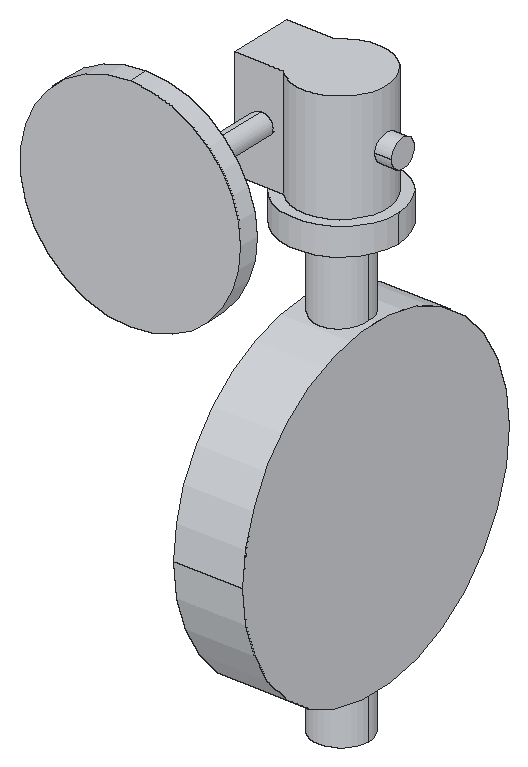
Revit family "HS497-68_disk-nerez_převodové kolo DN300-RFA_2019", category Pipe Accessories, Revit 2019
Family settings
  Round Connector Dimension = Use Diameter
  Part Type = Valve - Breaks Into
  Work Plane-Based = No
  Always vertical = Yes
  Cut with Voids When Loaded = No
  Shared = No
Parameters (values of type "HS 497-68_DN300_PN16_převodové kolo")
  magiProductId = "6860f094f77d42088fbebc3c97f755"
  magiProductFamilyId = "53cea81e6f374d17b8841d9c72ad77"
  magiPartTypeId = 305
  isMeasuringValve [instance] = no
  ang2D [instance] = 0.00°
  X11 = 88.77 mm
  X1 = 36.77 mm
  W2D = 1000 mm
  VersionID = "2.0/2017.9.26.1/ZETKAMA_497_001"
  Use Minimum Symbol Size [instance] = yes
  URL = "http://www.hydronic.cz"
  Type Comments = "mezipřírubová; nerezový disk; PN16; -10~+110°C (krátkodobě +120°C)"
  SW30 = yes
  SW3 = yes
  SW21 = no
  SW20 = no
  SW2 = no
  SW1 = no
  R = 150 mm
  QmdConnectorList = "301;D;302;D"
  Productdata [instance] = ""
  NC = 70 mm
  Manufacturer = "Hydronic Systems Prague s.r.o."
  MM20 = 36.77 mm
  MC Product Code = "126 300 (nerezový disk, s převodovým kolem; DN300; PN16, kvs7037)"
  M41 = 91.5 mm
  M4 = 61 mm
  LHL = 220 mm
  LHH3 = 2.45 mm
  LHH1 = 46.55 mm
  LH1 = 73.333 mm
  L4R__ve = -L4R  # -22.2 mm
  L4R = 22.2 mm
  L42__ve = -L42  # -166.5 mm
  L42 = 166.5 mm
  L41__ve = -L41  # -33.3 mm
  L41 = 33.3 mm
  L2D_Min = 3048 mm
  L2D = 216 mm
  L2 = 39 mm
  L1 = 62.4 mm
  L = 78 mm
  H = 23 mm
  G22 = 11.25 mm
  G2 = 22.5 mm
  G1 = 90 mm
  G = 130 mm
  F = 22 mm
  E44 = 62.5 mm
  E42 = 125 mm
  E4 = 250 mm
  E23 = 4.9 mm
  E22 = 19.6 mm
  E21 = 9.8 mm
  Description = "Mezipřírubová uzavírací klapka s převodovým kolem; nerezový disk, DN300; PN16; kvs7037"
  DR2 = 150 mm
  DR = 376 mm
  DD1 = 31.25 mm
  DD = 25 mm
  D = 300 mm
  CAT0 = yes
  B2__ve = -B2  # -90 mm
  B2 = 90 mm
  A2 = 30.8 mm
  A1 = 127.2 mm
Types (43, lengths in mm): name | magiProductId | X11 | X1 | Type Comments | SW30 | SW3 | SW20 | SW2 | SW1 | R | NC | Manufacturer | MM20 | MC Product Code | M41 | M4 | LHL | LHH3 | LHH1 | LH1 | L4R__ve | L4R | L42__ve | L42 | L41__ve | L41 | L2 | L1 | L | H | G | F | E44 | E42 | E4 | E23 | E22 | E21 | Description | DR2 | DR | DD1 | DD | D | B2__ve | B2 | A2 | A1
  HS 497-68_DN100_PN16_volné vřeteno | "65d1b245f4f142c78569c0602d5754" | 61.456 | 25.456 | "mezipřírubová; nerezový disk; PN16; -10~+110°C (krátkodobě +120°C)" | no | no | no | no | yes | 50 | 50 | "Hydronic Systems Prague s.r.o." | 25.456 | "124 100 (nerezový disk, s volným vřetenem; DN100; PN16, kvs512)" | 66 | 44 | 220 | 2.45 | 46.55 | 73.333 | -12.8 | 12.8 | -96 | 96 | -19.2 | 19.2 | 26 | 41.6 | 52 | 30 | 90 | 11 | 31.25 | 62.5 | 125 | 4.9 | 19.6 | 9.8 | "Mezipřírubová uzavírací klapka s volným vřetenem; nerezový disk, DN100; PN16; kvs512" | 50 | 147 | 15.625 | 12.5 | 100 | -56 | 56 | 16.5 | 98.5
  HS 497-68_DN100_PN16_převodové kolo | "11e91b807e674d428c8e796fcdcfe2" | 61.456 | 25.456 | "mezipřírubová; nerezový disk; PN16; -10~+110°C (krátkodobě +120°C)" | yes | yes | no | no | no | 50 | 50 | "Hydronic Systems Prague s.r.o." | 25.456 | "126 100 (nerezový disk, s převodovým kolem; DN100; PN16, kvs512)" | 65.25 | 43.5 | 220 | 2.45 | 46.55 | 73.333 | -12.8 | 12.8 | -96 | 96 | -19.2 | 19.2 | 26 | 41.6 | 52 | 30 | 90 | 11 | 31.25 | 62.5 | 125 | 4.9 | 19.6 | 9.8 | "Mezipřírubová uzavírací klapka s převodovým kolem; nerezový disk, DN100; PN16; kvs512" | 50 | 147 | 15.625 | 12.5 | 100 | -56 | 56 | 16.5 | 98.5
  HS 497-68_DN100_PN16_s pákou | "28172f0b3f4b47b28323ac71cf8749" | 61.456 | 25.456 | "mezipřírubová; nerezový disk; PN16; -10~+110°C (krátkodobě +120°C)" | no | no | yes | yes | no | 50 | 50 | "Hydronic Systems Prague s.r.o." | 25.456 | "121 100 (nerezový disk, s pákou; DN100; PN16, kvs512)" | 66 | 44 | 260 | 3 | 57 | 86.667 | -12.8 | 12.8 | -96 | 96 | -19.2 | 19.2 | 26 | 41.6 | 52 | 30 | 90 | 11 | 31.25 | 62.5 | 125 | 6 | 24 | 12 | "Mezipřírubová uzavírací klapka s pákou; nerezový disk, DN100; PN16; kvs512" | 50 | 147 | 15.625 | 12.5 | 100 | -56 | 56 | 16.5 | 98.5
  HS 497-68_DN125_PN16_volné vřeteno | "0d813d910fc14f628bb3c2efbd185c" | 61.456 | 25.456 | "mezipřírubová; nerezový disk; PN16; -10~+110°C (krátkodobě +120°C)" | no | no | no | no | yes | 62.5 | 50 | "Hydronic Systems Prague s.r.o." | 25.456 | "124 125 (nerezový disk, s volným vřetenem; DN125; PN16, kvs872)" | 66 | 44 | 220 | 2.45 | 46.55 | 73.333 | -12.8 | 12.8 | -96 | 96 | -19.2 | 19.2 | 28 | 44.8 | 56 | 33 | 90 | 14 | 31.25 | 62.5 | 125 | 4.9 | 19.6 | 9.8 | "Mezipřírubová uzavírací klapka s volným vřetenem; nerezový disk, DN125; PN16; kvs872" | 62.5 | 180 | 15.625 | 12.5 | 125 | -64 | 64 | 18 | 99.5
  HS 497-68_DN125_PN16_převodové kolo | "c56b7c13f372467684996fb1e0e229" | 61.456 | 25.456 | "mezipřírubová; nerezový disk; PN16; -10~+110°C (krátkodobě +120°C)" | yes | yes | no | no | no | 62.5 | 50 | "Hydronic Systems Prague s.r.o." | 25.456 | "126125 (nerezový disk, s převodovým kolem; DN125; PN16, kvs872)" | 65.25 | 43.5 | 220 | 2.45 | 46.55 | 73.333 | -13.5 | 13.5 | -101.25 | 101.25 | -20.25 | 20.25 | 28 | 44.8 | 56 | 33 | 90 | 14 | 40 | 80 | 160 | 4.9 | 19.6 | 9.8 | "Mezipřírubová uzavírací klapka s převodovým kolem; nerezový disk, DN125; PN16; kvs872" | 62.5 | 180 | 20 | 16 | 125 | -64 | 64 | 18 | 99.5
  HS 497-68_DN125_PN16_s pákou | "105993c79a91492399feef7931321a" | 61.456 | 25.456 | "mezipřírubová; nerezový disk; PN16; -10~+110°C (krátkodobě +120°C)" | no | no | yes | yes | no | 62.5 | 50 | "Hydronic Systems Prague s.r.o." | 25.456 | "121 125 (nerezový disk, s pákou; DN125; PN16, kvs872)" | 66 | 44 | 315 | 3.75 | 71.25 | 105 | -12.8 | 12.8 | -96 | 96 | -19.2 | 19.2 | 28 | 44.8 | 56 | 33 | 90 | 14 | 31.25 | 62.5 | 125 | 7.5 | 30 | 15 | "Mezipřírubová uzavírací klapka s pákou; nerezový disk, DN125; PN16; kvs872" | 62.5 | 180 | 15.625 | 12.5 | 125 | -64 | 64 | 18 | 99.5
  HS 497-68_DN150_PN16_volné vřeteno | "50c80cb8ab434f55ab7796e5ac1331" | 61.456 | 25.456 | "mezipřírubová; nerezový disk; PN16; -10~+110°C (krátkodobě +120°C)" | no | no | no | no | yes | 75 | 50 | "Hydronic Systems Prague s.r.o." | 25.456 | "124 150 (nerezový disk, s volným vřetenem; DN150; PN16, kvs1347)" | 66 | 44 | 220 | 2.45 | 46.55 | 73.333 | -12.8 | 12.8 | -96 | 96 | -19.2 | 19.2 | 28 | 44.8 | 56 | 33 | 90 | 14 | 31.25 | 62.5 | 125 | 4.9 | 19.6 | 9.8 | "Mezipřírubová uzavírací klapka s volným vřetenem; nerezový disk, DN150; PN16; kvs1347" | 75 | 206 | 15.625 | 12.5 | 150 | -58 | 58 | 19.3 | 98.7
  HS 497-68_DN150_PN16_převodové kolo | "d94a1a0cf83b476eb10011b327f709" | 61.456 | 25.456 | "mezipřírubová; nerezový disk; PN16; -10~+110°C (krátkodobě +120°C)" | yes | yes | no | no | no | 75 | 50 | "Hydronic Systems Prague s.r.o." | 25.456 | "126 150 (nerezový disk, s převodovým kolem; DN150; PN16, kvs1347)" | 65.25 | 43.5 | 220 | 2.45 | 46.55 | 73.333 | -13.5 | 13.5 | -101.25 | 101.25 | -20.25 | 20.25 | 28 | 44.8 | 56 | 33 | 90 | 14 | 40 | 80 | 160 | 4.9 | 19.6 | 9.8 | "Mezipřírubová uzavírací klapka s převodovým kolem; nerezový disk, DN150; PN16; kvs1347" | 75 | 206 | 20 | 16 | 150 | -58 | 58 | 19.3 | 98.7
  HS 497-68_DN150_PN16_s pákou | "4d2835523fe84828bc50ff0a5a0dfb" | 61.456 | 25.456 | "mezipřírubová; nerezový disk; PN16; -10~+110°C (krátkodobě +120°C)" | no | no | yes | yes | no | 75 | 50 | "Hydronic Systems Prague s.r.o." | 25.456 | "121 150 (nerezový disk, s pákou; DN150; PN16, kvs1347)" | 66 | 44 | 315 | 3.75 | 71.25 | 105 | -12.8 | 12.8 | -96 | 96 | -19.2 | 19.2 | 28 | 44.8 | 56 | 33 | 90 | 14 | 31.25 | 62.5 | 125 | 7.5 | 30 | 15 | "Mezipřírubová uzavírací klapka s pákou; nerezový disk, DN150; PN16; kvs1347" | 75 | 206 | 15.625 | 12.5 | 150 | -58 | 58 | 19.3 | 98.7
  HS 497-68_DN200_PN16_volné vřeteno | "5b29029eaeba47139ee1055a4b9201" | 61.456 | 25.456 | "mezipřírubová; nerezový disk; PN16; -10~+110°C (krátkodobě +120°C)" | no | no | no | no | yes | 100 | 50 | "Hydronic Systems Prague s.r.o." | 25.456 | "124 200 (nerezový disk, s volným vřetenem; DN200; PN16, kvs2675)" | 66 | 44 | 220 | 2.45 | 46.55 | 73.333 | -12.8 | 12.8 | -96 | 96 | -19.2 | 19.2 | 30 | 48 | 60 | 33 | 90 | 17 | 31.25 | 62.5 | 125 | 4.9 | 19.6 | 9.8 | "Mezipřírubová uzavírací klapka s volným vřetenem; nerezový disk, DN200; PN16; kvs2675" | 100 | 257 | 15.625 | 12.5 | 200 | -70 | 70 | 22.5 | 102.5
  HS 497-68_DN200_PN16_převodové kolo | "b2793cc1fcc44cf2a35062cd67c04f" | 61.456 | 25.456 | "mezipřírubová; nerezový disk; PN16; -10~+110°C (krátkodobě +120°C)" | yes | yes | no | no | no | 100 | 57 | "Hydronic Systems Prague s.r.o." | 25.456 | "126 200 (nerezový disk, s převodovým kolem; DN200; PN16, kvs2675)" | 78.75 | 52.5 | 220 | 2.45 | 46.55 | 73.333 | -15.2 | 15.2 | -114 | 114 | -22.8 | 22.8 | 30 | 48 | 60 | 33 | 90 | 17 | 50 | 100 | 200 | 4.9 | 19.6 | 9.8 | "Mezipřírubová uzavírací klapka s převodovým kolem; nerezový disk, DN200; PN16; kvs2675" | 100 | 257 | 25 | 20 | 200 | -70 | 70 | 22.5 | 102.5
  HS 497-68_DN200_PN16_s pákou | "f88d96c7af224537a51e72d7d8fffe" | 61.456 | 25.456 | "mezipřírubová; nerezový disk; PN16; -10~+110°C (krátkodobě +120°C)" | no | no | yes | yes | no | 100 | 50 | "Hydronic Systems Prague s.r.o." | 25.456 | "121 200 (nerezový disk, s pákou; DN200; PN16, kvs2675)" | 66 | 44 | 315 | 3.75 | 71.25 | 105 | -12.8 | 12.8 | -96 | 96 | -19.2 | 19.2 | 30 | 48 | 60 | 33 | 90 | 17 | 31.25 | 62.5 | 125 | 7.5 | 30 | 15 | "Mezipřírubová uzavírací klapka s pákou; nerezový disk, DN200; PN16; kvs2675" | 100 | 257 | 15.625 | 12.5 | 200 | -70 | 70 | 22.5 | 102.5
  HS 497-68_DN250_PN16_volné vřeteno | "b662e8305ca2402b9c510e66e6aa55" | 88.77 | 36.77 | "mezipřírubová; nerezový disk; PN16; -10~+110°C (krátkodobě +120°C)" | no | no | no | no | yes | 125 | 50 | "Hydronic Systems Prague s.r.o." | 36.77 | "124 250 (nerezový disk, s volným vřetenem; DN250; PN16, kvs4555)" | 66 | 44 | 220 | 2.45 | 46.55 | 73.333 | -12.8 | 12.8 | -96 | 96 | -19.2 | 19.2 | 34 | 54.4 | 68 | 23 | 130 | 22 | 31.25 | 62.5 | 125 | 4.9 | 19.6 | 9.8 | "Mezipřírubová uzavírací klapka s volným vřetenem; nerezový disk, DN250; PN16; kvs4555" | 125 | 324 | 15.625 | 12.5 | 250 | -85 | 85 | 28.25 | 129.25
  HS 497-68_DN250_PN16_převodové kolo | "5ee9016806664ddfaa2632711f295c" | 88.77 | 36.77 | "mezipřírubová; nerezový disk; PN16; -10~+110°C (krátkodobě +120°C)" | yes | yes | no | no | no | 125 | 70 | "Hydronic Systems Prague s.r.o." | 36.77 | "126 250 (nerezový disk, s převodovým kolem; DN250; PN16, kvs4555)" | 91.5 | 61 | 220 | 2.45 | 46.55 | 73.333 | -22.2 | 22.2 | -166.5 | 166.5 | -33.3 | 33.3 | 34 | 54.4 | 68 | 23 | 130 | 22 | 62.5 | 125 | 250 | 4.9 | 19.6 | 9.8 | "Mezipřírubová uzavírací klapka s převodovým kolem; nerezový disk, DN250; PN16; kvs4555" | 125 | 324 | 31.25 | 25 | 250 | -85 | 85 | 28.25 | 129.25
  HS 497-68_DN300_PN16_volné vřeteno | "e1886f51ff004380a649519258edf2" | 88.77 | 36.77 | "mezipřírubová; nerezový disk; PN16; -10~+110°C (krátkodobě +120°C)" | no | no | no | no | yes | 150 | 50 | "Hydronic Systems Prague s.r.o." | 36.77 | "124 300 (nerezový disk, s volným vřetenem; DN300; PN16, kvs7037)" | 66 | 44 | 220 | 2.45 | 46.55 | 73.333 | -12.8 | 12.8 | -96 | 96 | -19.2 | 19.2 | 39 | 62.4 | 78 | 23 | 130 | 22 | 31.25 | 62.5 | 125 | 4.9 | 19.6 | 9.8 | "Mezipřírubová uzavírací klapka s volným vřetenem; nerezový disk, DN300; PN16; kvs7037" | 150 | 376 | 15.625 | 12.5 | 300 | -90 | 90 | 30.8 | 127.2
  HS 497-68_DN300_PN16_převodové kolo | "6860f094f77d42088fbebc3c97f755" | 88.77 | 36.77 | "mezipřírubová; nerezový disk; PN16; -10~+110°C (krátkodobě +120°C)" | yes | yes | no | no | no | 150 | 70 | "Hydronic Systems Prague s.r.o." | 36.77 | "126 300 (nerezový disk, s převodovým kolem; DN300; PN16, kvs7037)" | 91.5 | 61 | 220 | 2.45 | 46.55 | 73.333 | -22.2 | 22.2 | -166.5 | 166.5 | -33.3 | 33.3 | 39 | 62.4 | 78 | 23 | 130 | 22 | 62.5 | 125 | 250 | 4.9 | 19.6 | 9.8 | "Mezipřírubová uzavírací klapka s převodovým kolem; nerezový disk, DN300; PN16; kvs7037" | 150 | 376 | 31.25 | 25 | 300 | -90 | 90 | 30.8 | 127.2
  HS 497-68_DN032_PN16_volné vřeteno | "8c5f65de52aa4067a77564107e31b2" | 61.456 | 25.456 | "mezipřírubová; nerezový disk; PN16; -10~+110°C (krátkodobě +120°C)" | no | no | no | no | yes | 16 | 50 | "Hydronic Systems Prague s.r.o." | 25.456 | "124 032 (nerezový disk, s volným vřetenem; DN32; PN16, kvs78)" | 66 | 44 | 220 | 2.45 | 46.55 | 73.333 | -12.8 | 12.8 | -96 | 96 | -19.2 | 19.2 | 16.5 | 26.4 | 33 | 30 | 90 | 11 | 31.25 | 62.5 | 125 | 4.9 | 19.6 | 9.8 | "Mezipřírubová uzavírací klapka s volným vřetenem; nerezový disk, DN32; PN16; kvs78" | 16 | 68 | 15.625 | 12.5 | 32 | -44.2 | 44.2 | 10.25 | 76.25
  HS 497-68_DN032_PN16_převodové kolo | "60aaeffa8b3a4e809ef000e4660060" | 61.456 | 25.456 | "mezipřírubová; nerezový disk; PN16; -10~+110°C (krátkodobě +120°C)" | yes | yes | no | no | no | 16 | 50 | "Hydronic Systems Prague s.r.o." | 25.456 | "126 032 (nerezový disk, s převodovým kolem; DN32; PN16, kvs78)" | 65.25 | 43.5 | 220 | 2.45 | 46.55 | 73.333 | -12.8 | 12.8 | -96 | 96 | -19.2 | 19.2 | 16.5 | 26.4 | 33 | 30 | 90 | 11 | 31.25 | 62.5 | 125 | 4.9 | 19.6 | 9.8 | "Mezipřírubová uzavírací klapka s převodovým kolem; nerezový disk, DN32; PN16; kvs78" | 16 | 68 | 15.625 | 12.5 | 32 | -44.2 | 44.2 | 10.25 | 76.25
  HS 497-68_DN032_PN16_s pákou | "9ad8088d610749a1b871aa2aad8007" | 61.456 | 25.456 | "mezipřírubová; nerezový disk; PN16; -10~+110°C (krátkodobě +120°C)" | no | no | yes | yes | no | 16 | 50 | "Hydronic Systems Prague s.r.o." | 25.456 | "121 032 (nerezový disk, s pákou; DN32; PN16, kvs78)" | 66 | 44 | 220 | 2.45 | 46.55 | 73.333 | -12.8 | 12.8 | -96 | 96 | -19.2 | 19.2 | 16.5 | 26.4 | 33 | 30 | 90 | 11 | 31.25 | 62.5 | 125 | 4.9 | 19.6 | 9.8 | "Mezipřírubová uzavírací klapka s pákou; nerezový disk, DN32; PN16; kvs78" | 16 | 68 | 15.625 | 12.5 | 32 | -44.2 | 44.2 | 10.25 | 76.25
  HS 497-68_DN350_PN10_volné vřeteno | "72a1e05f22944421b7e9596a877137" | 109.255 | 45.255 | "mezipřírubová; nerezový disk; PN10; -10~+110°C (krátkodobě +120°C)" | no | no | no | no | yes | 175 | 50 | "Hydronic Systems Prague s.r.o." | 45.255 | "124 350 (nerezový disk, s volným vřetenem; DN350; PN10, kvs10165)" | 66 | 44 | 220 | 2.45 | 46.55 | 73.333 | -12.8 | 12.8 | -96 | 96 | -19.2 | 19.2 | 39 | 62.4 | 78 | 31 | 160 | 22 | 31.25 | 62.5 | 125 | 4.9 | 19.6 | 9.8 | "Mezipřírubová uzavírací klapka s volným vřetenem; nerezový disk, DN350; PN10; kvs10165" | 175 | 430 | 15.625 | 12.5 | 350 | -88 | 88 | 33.85 | 129.65
  HS 497-68_DN350_PN10_převodové kolo | "a5a01426cb28494ba3afca92f1dace" | 109.255 | 45.255 | "mezipřírubová; nerezový disk; PN10; -10~+110°C (krátkodobě +120°C)" | yes | yes | no | no | no | 175 | 70 | "Hydronic Systems Prague s.r.o." | 45.255 | "126 350 (nerezový disk, s převodovým kolem; DN350; PN10, kvs10165)" | 91.5 | 61 | 220 | 2.45 | 46.55 | 73.333 | -22.2 | 22.2 | -166.5 | 166.5 | -33.3 | 33.3 | 39 | 62.4 | 78 | 31 | 160 | 22 | 62.5 | 125 | 250 | 4.9 | 19.6 | 9.8 | "Mezipřírubová uzavírací klapka s převodovým kolem; nerezový disk, DN350; PN10; kvs10165" | 175 | 430 | 31.25 | 25 | 350 | -88 | 88 | 33.85 | 129.65
  HS 497-68_DN400_PN10_volné vřeteno | "c70ebeb927c04ab99b176e257ad0a7" | 109.255 | 45.255 | "mezipřírubová; nerezový disk; PN10; -10~+110°C (krátkodobě +120°C)" | no | no | no | no | yes | 200 | 50 | "Hydronic Systems Prague s.r.o." | 45.255 | "124 400 (nerezový disk, s volným vřetenem; DN400; PN10, kvs13799)" | 66 | 44 | 220 | 2.45 | 46.55 | 73.333 | -12.8 | 12.8 | -96 | 96 | -19.2 | 19.2 | 51 | 81.6 | 102 | 31 | 160 | 27 | 31.25 | 62.5 | 125 | 4.9 | 19.6 | 9.8 | "Mezipřírubová uzavírací klapka s volným vřetenem; nerezový disk, DN400; PN10; kvs13799" | 200 | 485 | 15.625 | 12.5 | 400 | -108 | 108 | 38 | 142
  HS 497-68_DN400_PN10_převodové kolo | "cc64a4384dcb41b780d81810f4f293" | 109.255 | 45.255 | "mezipřírubová; nerezový disk; PN10; -10~+110°C (krátkodobě +120°C)" | yes | yes | no | no | no | 200 | 72.5 | "Hydronic Systems Prague s.r.o." | 45.255 | "126 400 (nerezový disk, s převodovým kolem; DN400; PN10, kvs13799)" | 103.5 | 69 | 220 | 2.45 | 46.55 | 73.333 | -27.8 | 27.8 | -208.5 | 208.5 | -41.7 | 41.7 | 51 | 81.6 | 102 | 31 | 160 | 27 | 75 | 150 | 300 | 4.9 | 19.6 | 9.8 | "Mezipřírubová uzavírací klapka s převodovým kolem; nerezový disk, DN400; PN10; kvs13799" | 200 | 485 | 37.5 | 30 | 400 | -108 | 108 | 38 | 142
  HS 497-68_DN040_PN16_volné vřeteno | "35f92312390745e88df5b5c325d9ee" | 61.456 | 25.456 | "mezipřírubová; nerezový disk; PN16; -10~+110°C (krátkodobě +120°C)" | no | no | no | no | yes | 20 | 50 | "Hydronic Systems Prague s.r.o." | 25.456 | "124 040 (nerezový disk, s volným vřetenem; DN40; PN16, kvs78)" | 66 | 44 | 220 | 2.45 | 46.55 | 73.333 | -12.8 | 12.8 | -96 | 96 | -19.2 | 19.2 | 16.5 | 26.4 | 33 | 30 | 90 | 11 | 31.25 | 62.5 | 125 | 4.9 | 19.6 | 9.8 | "Mezipřírubová uzavírací klapka s volným vřetenem; nerezový disk, DN40; PN16; kvs78" | 20 | 76 | 15.625 | 12.5 | 40 | -36 | 36 | 11 | 79
  HS 497-68_DN040_PN16_převodové kolo | "d88e968eae3445bc9b7b4e6ff35127" | 61.456 | 25.456 | "mezipřírubová; nerezový disk; PN16; -10~+110°C (krátkodobě +120°C)" | yes | yes | no | no | no | 20 | 50 | "Hydronic Systems Prague s.r.o." | 25.456 | "126 040 (nerezový disk, s převodovým kolem; DN40; PN16, kvs78)" | 65.25 | 43.5 | 220 | 2.45 | 46.55 | 73.333 | -12.8 | 12.8 | -96 | 96 | -19.2 | 19.2 | 16.5 | 26.4 | 33 | 30 | 90 | 11 | 31.25 | 62.5 | 125 | 4.9 | 19.6 | 9.8 | "Mezipřírubová uzavírací klapka s převodovým kolem; nerezový disk, DN40; PN16; kvs78" | 20 | 76 | 15.625 | 12.5 | 40 | -36 | 36 | 11 | 79
  HS 497-68_DN040_PN16_s pákou | "c1b522ca65b4407a98818f232eaacb" | 61.456 | 25.456 | "mezipřírubová; nerezový disk; PN16; -10~+110°C (krátkodobě +120°C)" | no | no | yes | yes | no | 20 | 50 | "Hydronic Systems Prague s.r.o." | 25.456 | "121 040 (nerezový disk, s pákou; DN40; PN16, kvs78)" | 66 | 44 | 220 | 2.45 | 46.55 | 73.333 | -12.8 | 12.8 | -96 | 96 | -19.2 | 19.2 | 16.5 | 26.4 | 33 | 30 | 90 | 11 | 31.25 | 62.5 | 125 | 4.9 | 19.6 | 9.8 | "Mezipřírubová uzavírací klapka s pákou; nerezový disk, DN40; PN16; kvs78" | 20 | 76 | 15.625 | 12.5 | 40 | -36 | 36 | 11 | 79
  HS 497-68_DN450_PN10_volné vřeteno | "a8358bc282f14872b3194e530e590a" | 129.74 | 53.74 | "mezipřírubová; nerezový disk; PN10; -10~+110°C (krátkodobě +120°C)" | no | no | no | no | yes | 225 | 50 | "Hydronic Systems Prague s.r.o." | 53.74 | "124 450 (nerezový disk, s volným vřetenem; DN450; PN10, kvs18514)" | 66 | 44 | 220 | 2.45 | 46.55 | 73.333 | -12.8 | 12.8 | -96 | 96 | -19.2 | 19.2 | 57 | 91.2 | 114 | 38 | 190 | 36 | 31.25 | 62.5 | 125 | 4.9 | 19.6 | 9.8 | "Mezipřírubová uzavírací klapka s volným vřetenem; nerezový, DN450; PN10; kvs18514" | 225 | 536 | 15.625 | 12.5 | 450 | -115 | 115 | 38.05 | 117.45
  HS 497-68_DN450_PN10_převodové kolo | "cdf2d80f54a9414f9cbe50647c0ebd" | 129.74 | 53.74 | "mezipřírubová; nerezový disk; PN10; -10~+110°C (krátkodobě +120°C)" | yes | yes | no | no | no | 225 | 91.5 | "Zetkama" | 53.74 | "126 450 (nerezový disk, s převodovým kolem; DN450; PN10, kvs18514)" | 144.75 | 96.5 | 220 | 2.45 | 46.55 | 73.333 | -32.1 | 32.1 | -240.75 | 240.75 | -48.15 | 48.15 | 57 | 91.2 | 114 | 38 | 190 | 36 | 100 | 200 | 400 | 4.9 | 19.6 | 9.8 | "Mezipřírubová uzavírací klapka s převodovým kolem; nerezový disk, DN450; PN10; kvs18514" | 225 | 536 | 50 | 40 | 450 | -115 | 115 | 38.05 | 117.45
  HS 497-68_DN500_PN10_volné vřeteno | "8c396e27bb2743f98f3c762b6517cd" | 143.397 | 59.397 | "mezipřírubová; nerezový disk; PN10; -10~+110°C (krátkodobě +120°C)" | no | no | no | no | yes | 250 | 50 | "Hydronic Systems Prague s.r.o." | 59.397 | "124 500 (nerezový disk, s volným vřetenem; DN500; PN10, kvs23805)" | 66 | 44 | 220 | 2.45 | 46.55 | 73.333 | -12.8 | 12.8 | -96 | 96 | -19.2 | 19.2 | 63.5 | 101.6 | 127 | 38 | 210 | 36 | 31.25 | 62.5 | 125 | 4.9 | 19.6 | 9.8 | "Mezipřírubová uzavírací klapka s volným vřetenem; nerezový disk, DN500; PN10; kvs23805" | 250 | 593 | 15.625 | 12.5 | 500 | -130 | 130 | 43.25 | 139.25
  HS 497-68_DN500_PN10_převodové kolo | "7647804f32e94cef828a7034a91a46" | 143.397 | 59.397 | "mezipřírubová; nerezový disk; PN10; -10~+110°C (krátkodobě +120°C)" | yes | yes | no | no | no | 250 | 91.5 | "Zetkama" | 59.397 | "126 500 (nerezový disk, s převodovým kolem; DN500; PN10, kvs23805)" | 144.75 | 96.5 | 220 | 2.45 | 46.55 | 73.333 | -32.1 | 32.1 | -240.75 | 240.75 | -48.15 | 48.15 | 63.5 | 101.6 | 127 | 38 | 210 | 36 | 100 | 200 | 400 | 4.9 | 19.6 | 9.8 | "Mezipřírubová uzavírací klapka s převodovým kolem; nerezový disk, DN500; PN10; kvs23805" | 250 | 593 | 50 | 40 | 500 | -130 | 130 | 43.25 | 139.25
  HS 497-68_DN050_volné vřeteno | "d71f296ecd6d4adf8f6e5d9853b4e0" | 61.456 | 25.456 | "mezipřírubová; nerezový disk; PN16; -10~+110°C (krátkodobě +120°C)" | no | no | no | no | yes | 25 | 50 | "Hydronic Systems Prague s.r.o." | 25.456 | "124 050 (nerezový disk, s volným vřetenem; DN50; PN16, kvs98)" | 66 | 44 | 220 | 2.45 | 46.55 | 73.333 | -12.8 | 12.8 | -96 | 96 | -19.2 | 19.2 | 21.5 | 34.4 | 43 | 30 | 90 | 11 | 31.25 | 62.5 | 125 | 4.9 | 19.6 | 9.8 | "Mezipřírubová uzavírací klapka s volným vřetenem; nerezový disk, DN50; PN16; kvs98" | 25 | 100 | 15.625 | 12.5 | 50 | -36.5 | 36.5 | 12 | 83
  HS 497-68_DN050_PN16_převodové kolo | "2fb080deeaed49c58418b94c1da5a4" | 61.456 | 25.456 | "mezipřírubová; nerezový disk; PN16; -10~+110°C (krátkodobě +120°C)" | yes | yes | no | no | no | 25 | 50 | "Hydronic Systems Prague s.r.o." | 25.456 | "126 050 (nerezový disk, s převodovým kolem; DN50; PN16, kvs98)" | 65.25 | 43.5 | 220 | 2.45 | 46.55 | 73.333 | -12.8 | 12.8 | -96 | 96 | -19.2 | 19.2 | 21.5 | 34.4 | 43 | 30 | 90 | 11 | 31.25 | 62.5 | 125 | 4.9 | 19.6 | 9.8 | "Mezipřírubová uzavírací klapka s převodovým kolem; nerezový disk, DN50; PN16; kvs98" | 25 | 100 | 15.625 | 12.5 | 50 | -36.5 | 36.5 | 12 | 83
  HS 497-68_DN050_PN16_s pákou | "dabc632061f94877a994b9b4e68112" | 61.456 | 25.456 | "mezipřírubová; nerezový disk; PN16; -10~+110°C (krátkodobě +120°C)" | no | no | yes | yes | no | 25 | 50 | "Hydronic Systems Prague s.r.o." | 25.456 | "121 050 (nerezový disk, s pákou; DN50; PN16, kvs98)" | 66 | 44 | 220 | 2.45 | 46.55 | 73.333 | -12.8 | 12.8 | -96 | 96 | -19.2 | 19.2 | 21.5 | 34.4 | 43 | 30 | 90 | 11 | 31.25 | 62.5 | 125 | 4.9 | 19.6 | 9.8 | "Mezipřírubová uzavírací klapka s pákou; nerezový disk, DN50; PN16; kvs98" | 25 | 100 | 15.625 | 12.5 | 50 | -36.5 | 36.5 | 12 | 83
  HS 497-68_DN600_PN10_volné vřeteno | "99d5892c14664fce81a7c5903f7711" | 143.397 | 59.397 | "mezipřírubová; nerezový disk; PN10; -10~+110°C (krátkodobě +120°C)" | no | no | no | no | yes | 300 | 50 | "Hydronic Systems Prague s.r.o." | 59.397 | "124 600 (nerezový disk, s volným vřetenem; DN600; PN10, kvs36778)" | 66 | 44 | 220 | 2.45 | 46.55 | 73.333 | -12.8 | 12.8 | -96 | 96 | -19.2 | 19.2 | 77 | 123.2 | 154 | 80 | 210 | 60 | 31.25 | 62.5 | 125 | 4.9 | 19.6 | 9.8 | "Mezipřírubová uzavírací klapka s volným vřetenem; nerezový disk, DN600; PN10; kvs36788" | 300 | 690 | 15.625 | 12.5 | 600 | -140 | 140 | 49.4 | 144.6
  HS 497-68_DN600_PN10_převodové kolo | "b1e26faab48a4c499f6bb11e7e3002" | 143.397 | 59.397 | "mezipřírubová; lnerezový disk; PN10; -10~+110°C (krátkodobě +120°C)" | yes | yes | no | no | no | 300 | 140 | "Hydronic Systems Prague s.r.o." | 59.397 | "126 600 (nerezový disk, s převodovým kolem; DN600; PN10, kvs36778)" | 206.25 | 137.5 | 220 | 2.45 | 46.55 | 73.333 | -40.8 | 40.8 | -306 | 306 | -61.2 | 61.2 | 77 | 123.2 | 154 | 80 | 210 | 60 | 125 | 250 | 500 | 4.9 | 19.6 | 9.8 | "Mezipřírubová uzavírací klapka s převodovým kolem; nerezový disk, DN600; PN10; kvs36788" | 300 | 690 | 62.5 | 50 | 600 | -140 | 140 | 49.4 | 144.6
  HS 497-68_DN065_PN16_volné vřeteno | "5e5e208646e34ec29f889baab5d08e" | 61.456 | 25.456 | "mezipřírubová; lnerezový disk; PN16; -10~+110°C (krátkodobě +120°C)" | no | no | no | no | yes | 32.5 | 50 | "Hydronic Systems Prague s.r.o." | 25.456 | "124 065 (nerezový disk, s volným vřetenem; DN65; PN16, kvs167)" | 66 | 44 | 220 | 2.45 | 46.55 | 73.333 | -12.8 | 12.8 | -96 | 96 | -19.2 | 19.2 | 23 | 36.8 | 46 | 30 | 90 | 11 | 31.25 | 62.5 | 125 | 4.9 | 19.6 | 9.8 | "Mezipřírubová uzavírací klapka s volným vřetenem; nerezový disk, DN65; PN16; kv167" | 32.5 | 108 | 15.625 | 12.5 | 65 | -36.5 | 36.5 | 13.5 | 89
  HS 497-68_DN065_PN16_převodové kolo | "654d74c8d15540b0bfe523d988ccb3" | 61.456 | 25.456 | "mezipřírubová; nerezový disk; PN16; -10~+110°C (krátkodobě +120°C)" | yes | yes | no | no | no | 32.5 | 50 | "Hydronic Systems Prague s.r.o." | 25.456 | "126 065 (nerezový disk, s převodovým kolem; DN65; PN16, kvs167)" | 65.25 | 43.5 | 220 | 2.45 | 46.55 | 73.333 | -12.8 | 12.8 | -96 | 96 | -19.2 | 19.2 | 23 | 36.8 | 46 | 30 | 90 | 11 | 31.25 | 62.5 | 125 | 4.9 | 19.6 | 9.8 | "Mezipřírubová uzavírací klapka s převodovým kolem; nerezový disk, DN65; PN16; kvs167" | 32.5 | 108 | 15.625 | 12.5 | 65 | -36.5 | 36.5 | 13.5 | 89
  HS 497-68_DN065_PN16_s pákou | "ebeb4b59db0641caaf6d6635ab37b9" | 61.456 | 25.456 | "mezipřírubová; nerezový disk; PN16; -10~+110°C (krátkodobě +120°C)" | no | no | yes | yes | no | 32.5 | 50 | "Hydronic Systems Prague s.r.o." | 25.456 | "121 065 (nerezový disk, s pákou; DN65; PN16, kvs167)" | 66 | 44 | 220 | 2.45 | 46.55 | 73.333 | -12.8 | 12.8 | -96 | 96 | -19.2 | 19.2 | 23 | 36.8 | 46 | 30 | 90 | 11 | 31.25 | 62.5 | 125 | 4.9 | 19.6 | 9.8 | "Mezipřírubová uzavírací klapka s pákou; nerezový disk, DN65; PN16; kvs167" | 32.5 | 108 | 15.625 | 12.5 | 65 | -36.5 | 36.5 | 13.5 | 89
  HS 497-68_DN080_PN16_volné vřeteno | "9e85c75c18654e1185a9c48ed6b00e" | 61.456 | 25.456 | "mezipřírubová; nerezový disk; PN16; -10~+110°C (krátkodobě +120°C)" | no | no | no | no | yes | 40 | 50 | "Hydronic Systems Prague s.r.o." | 25.456 | "124 080 (nerezový disk, s volným vřetenem; DN80; PN16, kvs258)" | 66 | 44 | 220 | 2.45 | 46.55 | 73.333 | -12.8 | 12.8 | -96 | 96 | -19.2 | 19.2 | 23 | 36.8 | 46 | 30 | 90 | 11 | 31.25 | 62.5 | 125 | 4.9 | 19.6 | 9.8 | "Mezipřírubová uzavírací klapka s volným vřetenem; nerezový disk, DN80; PN16; kvs258" | 40 | 124 | 15.625 | 12.5 | 80 | -54 | 54 | 14.1 | 86.9
  HS 497-68_DN080_PN16_převodové kolo | "5b3c8238c3d041e68c75b199e7ea46" | 61.456 | 25.456 | "mezipřírubová; nerezový disk; PN16; -10~+110°C (krátkodobě +120°C)" | yes | yes | no | no | no | 40 | 50 | "Hydronic Systems Prague s.r.o." | 25.456 | "126 080 (nerezový disk, s převodovým kolem; DN80; PN16, kvs258)" | 65.25 | 43.5 | 220 | 2.45 | 46.55 | 73.333 | -12.8 | 12.8 | -96 | 96 | -19.2 | 19.2 | 23 | 36.8 | 46 | 30 | 90 | 11 | 31.25 | 62.5 | 125 | 4.9 | 19.6 | 9.8 | "Mezipřírubová uzavírací klapka s převodovým kolem; nerezový disk, DN80; PN16; kvs258" | 40 | 124 | 15.625 | 12.5 | 80 | -54 | 54 | 14.1 | 86.9
  HS 497-68_DN080_PN16_s pákou | "e414795fab0f4eccb99bc3572c5477" | 61.456 | 25.456 | "mezipřírubová; nerezový disk; PN16; -10~+110°C (krátkodobě +120°C)" | no | no | yes | yes | no | 40 | 50 | "Hydronic Systems Prague s.r.o." | 25.456 | "121 080 (nerezový disk, s pákou; DN80; PN16, kvs258)" | 66 | 44 | 260 | 3 | 57 | 86.667 | -12.8 | 12.8 | -96 | 96 | -19.2 | 19.2 | 23 | 36.8 | 46 | 30 | 90 | 11 | 31.25 | 62.5 | 125 | 6 | 24 | 12 | "Mezipřírubová uzavírací klapka s pákou; nerezový disk, DN80; PN16; kvs258" | 40 | 124 | 15.625 | 12.5 | 80 | -54 | 54 | 14.1 | 86.9
  HS 497-68_DN250_PN16_s pákou | "" | 88.77 | 36.77 | "mezipřírubová; nerezový disk; PN16; -10~+110°C (krátkodobě +120°C)" | no | no | yes | yes | no | 125 | 70 | "Hydronic Systems Prague s.r.o." | 36.77 | "121 250 (nerezový disk, s ákou; DN250; PN16, kvs4555)" | 91.5 | 61 | 220 | 2.45 | 46.55 | 73.333 | -22.2 | 22.2 | -166.5 | 166.5 | -33.3 | 33.3 | 34 | 54.4 | 68 | 23 | 130 | 22 | 62.5 | 125 | 250 | 4.9 | 19.6 | 9.8 | "Mezipřírubová uzavírací klapka s pákou; nerezový disk, DN250; PN16; kvs4555" | 125 | 324 | 31.25 | 25 | 250 | -85 | 85 | 28.25 | 129.25
  HS 497-68_DN300_PN16_s pákou | "" | 88.77 | 36.77 | "mezipřírubová; nerezový disk; PN16; -10~+110°C (krátkodobě +120°C)" | no | no | yes | yes | no | 150 | 70 | "Hydronic Systems Prague s.r.o." | 36.77 | "121 300 (nerezový disk, s pákou; DN300; PN16, kvs7037)" | 91.5 | 61 | 220 | 2.45 | 46.55 | 73.333 | -22.2 | 22.2 | -166.5 | 166.5 | -33.3 | 33.3 | 39 | 62.4 | 78 | 23 | 130 | 22 | 62.5 | 125 | 250 | 4.9 | 19.6 | 9.8 | "Mezipřírubová uzavírací klapka s pákou; nerezový disk, DN300; PN16; kvs7037" | 150 | 376 | 31.25 | 25 | 300 | -90 | 90 | 30.8 | 127.2
Reference planes
  plane 1 "Center (Front/Back)": y = 0
  plane 2 "XYPLANE": z = 0
  plane 3 "Center (Left/Right)": x = 0
  plane 4 "473": x = -36.77
  plane 5 "472": x = -91.5
  plane 6 "471": y = -36.77
  plane 7 "470": y = 36.77
  plane 8 "469": x = -61
  plane 9 "468": y = -199.8
  plane 10 "467": y = -166.5
  plane 11 "466": z = 370.5
  plane 12 "465": z = 354.55
  plane 13 "464": y = 145.417
  plane 14 "463": z = 344.75
  plane 15 "462": z = 327.6
  plane 16 "461": z = 337.4
  plane 17 "460": y = 72.083
  plane 18 "459": x = -11.25
  plane 19 "458": x = 11.25
  plane 20 "457": y = -6.25
  plane 21 "456": x = -17.5
  plane 22 "455": x = 17.5
  plane 23 "454": z = 342.3
  plane 24 "453": y = 62.083
  plane 25 "452": y = -11.25
  plane 26 "451": x = -22.5
  plane 27 "450": x = 22.5
  plane 28 "449": z = 322.7
  plane 29 "448": z = 317.8
  plane 30 "447": z = -150
  plane 31 "446": z = 308
  plane 32 "445": z = 277.2
  plane 33 "444": z = 150
  plane 34 "443": x = 39
  plane 35 "442": x = -39
  plane 36 "441": z = 0
  plane 37 "440": y = 0
  plane 38 "439": x = 0
  plane 39 "438": z = 357
  plane 40 "437": z = 342.3
  plane 41 "436": x = 13.7
  plane 42 "435": x = -13.7
  plane 43 "434": y = 220
Forms (mm)
  Extrusion 1, solid, visible <- "SW3"
    sketch origin (-750, 0, 308) x (1, 0, 0) y (0, 1, 0)
      loop
        line (658.5, 36.77) -> (658.5, -36.77) -> (713.23, -36.77)
        arc (713.23, -36.77) -> (802, 0) -> (713.23, 36.77) r 52
        line (713.23, 36.77) -> (658.5, 36.77)
    from 0 to 125 <- "E42"
  Extrusion 2, solid, visible <- "SW30"
    sketch origin (0, -750, 0) x (0, 1, 0) y (0, 0, 1)
      loop
        circle (750, 370.5) r 15.625
    from 0 to 70 <- "NC"
  Extrusion 3, solid, visible <- "SW30"
    sketch origin (750, -199.8, 0) x (-1, 0, 0) y (0, 0, 1)
      loop
        circle (811, 370.5) r 125
    from 0 to -22.2 <- "L4R__ve"
  Extrusion 4, solid, visible <- "SW3"
    sketch origin (750, -166.5, 0) x (-1, 0, 0) y (0, 0, 1)
      loop
        circle (811, 370.5) r 15.625
    from 0 to -33.3 <- "L41__ve"
  Extrusion 5, solid, visible <- "SW30"
    sketch origin (750, 0, 0) x (-1, 0, 0) y (0, 0, 1)
      loop
        circle (811, 370.5) r 12.5
    from 0 to -166.5 <- "L42__ve"
  Blend 6, solid, visible <- "SW21"
    base sketch origin (750, 72.083, 0) x (-1, 0, 0) y (0, 0, 1)
      loop
        line (761.25, 337.4) -> (738.75, 337.4) -> (738.75, 327.6) -> (761.25, 327.6) -> (761.25, 337.4)
    top sketch origin (750, 72.083, 0) x (-1, 0, 0) y (0, 0, 1)
      loop
        line (761.25, 354.55) -> (738.75, 354.55) -> (738.75, 344.75) -> (761.25, 344.75) -> (761.25, 354.55)
    from 0 to 73.333
  Blend 7, solid, visible <- "SW21"
    base sketch origin (750, 62.083, 0) x (-1, 0, 0) y (0, 0, 1)
      loop
        line (761.25, 342.3) -> (738.75, 342.3) -> (738.75, 322.7) -> (761.25, 322.7) -> (761.25, 342.3)
    top sketch origin (750, 62.083, 0) x (-1, 0, 0) y (0, 0, 1)
      loop
        line (761.25, 337.4) -> (738.75, 337.4) -> (738.75, 327.6) -> (761.25, 327.6) -> (761.25, 337.4)
    from 0 to 10
  Blend 8, solid, visible <- "SW21"
    base sketch origin (-750, 0, 322.7) x (1, 0, 0) y (0, 1, 0)
      loop
        line (772.5, 62.083) -> (727.5, 62.083) -> (727.5, -11.25)
        arc (727.5, -11.25) -> (750, -31.25) -> (772.5, -11.25) r 22.656
        line (772.5, -11.25) -> (772.5, 62.083)
    top sketch origin (-750, 0, 322.7) x (1, 0, 0) y (0, 1, 0)
      loop
        line (767.5, 62.083) -> (732.5, 62.083) -> (732.5, -6.25)
        arc (732.5, -6.25) -> (750, -26.25) -> (767.5, -6.25) r 17.656
        line (767.5, -6.25) -> (767.5, 62.083)
    from 0 to 19.6
  Extrusion 9, solid, visible <- "SW2"
    sketch origin (-750, 0, 317.8) x (1, 0, 0) y (0, 1, 0)
      loop
        circle (750, 0) r 11.25
    from 0 to 4.9 <- "E23"
  Extrusion 10, solid, visible <- "SW2"
    sketch origin (-750, 0, 308) x (1, 0, 0) y (0, 1, 0)
      loop
        circle (750, 0) r 45
    from 0 to 9.8 <- "E21"
  Extrusion 11, solid, visible <- "CAT0"
    sketch origin (-750, 0, -150) x (1, 0, 0) y (0, 1, 0)
      loop
        circle (750, 0) r 31.2
    from 0 to -90 <- "B2__ve"
  Extrusion 12, solid, visible <- "CAT0"
    sketch origin (-750, 0, 277.2) x (1, 0, 0) y (0, 1, 0)
      loop
        circle (750, 0) r 65
    from 0 to 30.8 <- "A2"
  Extrusion 13, solid, visible <- "CAT0"
    sketch origin (-750, 0, 150) x (1, 0, 0) y (0, 1, 0)
      loop
        circle (750, 0) r 31.2
    from 0 to 127.2 <- "A1"
  Extrusion 14, solid, visible <- "CAT0"
    sketch origin (-39, -750, 0) x (0, 1, 0) y (0, 0, 1)
      loop
        circle (750, 0) r 188
    from 0 to 78 <- "L"
  Extrusion 15, solid, visible <- "SW1"
    sketch origin (-750, 0, 308) x (1, 0, 0) y (0, 1, 0)
      loop
        line (761, 11) -> (739, 11) -> (739, -11) -> (761, -11) -> (761, 11)
    from 0 to 23 <- "H"
  Blend 16, solid, visible <- "SW2"
    base sketch origin (750, 145.417, 0) x (-1, 0, 0) y (0, 0, 1)
      loop
        arc (763.7, 352) -> (762.236, 355.536) -> (758.7, 357) r 5
        line (758.7, 357) -> (741.3, 357)
        arc (741.3, 357) -> (737.764, 355.536) -> (736.3, 352) r 5
        line (736.3, 352) -> (736.3, 347.3)
        arc (736.3, 347.3) -> (737.764, 343.764) -> (741.3, 342.3) r 5
        line (741.3, 342.3) -> (758.7, 342.3)
        arc (758.7, 342.3) -> (762.236, 343.764) -> (763.7, 347.3) r 5
        line (763.7, 347.3) -> (763.7, 352)
    top sketch origin (750, 145.417, 0) x (-1, 0, 0) y (0, 0, 1)
      loop
        arc (763.7, 352) -> (762.236, 355.536) -> (758.7, 357) r 5
        line (758.7, 357) -> (741.3, 357)
        arc (741.3, 357) -> (737.764, 355.536) -> (736.3, 352) r 5
        line (736.3, 352) -> (736.3, 347.3)
        arc (736.3, 347.3) -> (737.764, 343.764) -> (741.3, 342.3) r 5
        line (741.3, 342.3) -> (758.7, 342.3)
        arc (758.7, 342.3) -> (762.236, 343.764) -> (763.7, 347.3) r 5
        line (763.7, 347.3) -> (763.7, 352)
    from 0 to 74.583
  Blend 17, solid, visible <- "SW20"
    base sketch origin (750, 145.417, 0) x (-1, 0, 0) y (0, 0, 1)
      loop
        line (763.7, 357) -> (736.3, 357) -> (736.3, 342.3) -> (763.7, 342.3) -> (763.7, 357)
    top sketch origin (750, 145.417, 0) x (-1, 0, 0) y (0, 0, 1)
      loop
        line (761.25, 342.3) -> (738.75, 342.3) -> (738.75, 322.7) -> (761.25, 322.7) -> (761.25, 342.3)
    from 0 to -83.333
  Extrusion 18, solid, visible <- "SW20"
    sketch origin (-750, 0, 322.7) x (1, 0, 0) y (0, 1, 0)
      loop
        line (772.5, 62.083) -> (727.5, 62.083) -> (727.5, -11.25)
        arc (727.5, -11.25) -> (750, -31.25) -> (772.5, -11.25) r 22.656
        line (772.5, -11.25) -> (772.5, 62.083)
    from 0 to 19.6 <- "E22"
  Extrusion 19, solid, not visible
    sketch origin (-39, -750, 0) x (0, 1, 0) y (0, 0, 1)
      loop
        circle (750, 0) r 10
    from 0 to 10
  Extrusion 20, solid, not visible
    sketch origin (39, -750, 0) x (0, 1, 0) y (0, 0, 1)
      loop
        circle (750, 0) r 10
    from 0 to -10
Lines and regions (mm)
  reference lines, not visible
    curve 1: circle (2, 2, 0) r 1 normal (0, 0, 1)
  reference lines
    curve 2: line (-36.77, -36.77, 308) -> (-36.77, 36.77, 308)
    curve 3: line (-17.5, -6.25, 322.7) -> (17.5, -6.25, 322.7)
    curve 4: line (-22.5, -11.25, 322.7) -> (22.5, -11.25, 322.7)
    curve 5: circle (0, 0, 308) r 1 normal (0, 0, 1)
    curve 6: line (-22.5, -11.25, 322.7) -> (22.5, -11.25, 322.7)
Dimensions and locks
  plane 1 "Center (Front/Back)" to curve 1 = 2 mm
  "X1": plane 3 "Center (Left/Right)" to plane 4 "473"
  "M41": plane 3 "Center (Left/Right)" to plane 5 "472"
  "MM20": plane 1 "Center (Front/Back)" to plane 6 "471"
  "MM20": plane 1 "Center (Front/Back)" to plane 7 "470"
  "M4": plane 3 "Center (Left/Right)" to plane 8 "469"
  "L41": plane 10 "467" to plane 9 "468"
  "L42": plane 1 "Center (Front/Back)" to plane 10 "467"
  "E44": plane 31 "446" to plane 11 "466"
  "LHH1": plane 31 "446" to plane 12 "465"
  "LH1": plane 17 "460" to plane 13 "464"
  "E21": plane 12 "465" to plane 14 "463"
  "E21": plane 16 "461" to plane 15 "462"
  "E23": plane 23 "454" to plane 16 "461"
  locked: plane 24 "453" to plane 17 "460" at 10
  "G22": plane 3 "Center (Left/Right)" to plane 18 "459"
  "G22": plane 3 "Center (Left/Right)" to plane 19 "458"
  locked: plane 25 "452" to plane 20 "457" at 5
  locked: plane 26 "451" to plane 21 "456" at 5
  locked: plane 27 "450" to plane 22 "455" at 5
  "E22": plane 28 "449" to plane 23 "454"
  "LH1": plane 25 "452" to plane 24 "453"
  "G22": plane 1 "Center (Front/Back)" to plane 25 "452"
  "G2": plane 3 "Center (Left/Right)" to plane 26 "451"
  "G2": plane 3 "Center (Left/Right)" to plane 27 "450"
  "E23": plane 29 "448" to plane 28 "449"
  "E21": plane 31 "446" to plane 29 "448"
  "R": plane 2 "XYPLANE" to plane 30 "447"
  "A2": plane 32 "445" to plane 31 "446"
  "A1": plane 33 "444" to plane 32 "445"
  "DR2": plane 2 "XYPLANE" to plane 33 "444"
  "L2": plane 3 "Center (Left/Right)" to plane 34 "443"
  "L2": plane 3 "Center (Left/Right)" to plane 35 "442"
  locked: plane 2 "XYPLANE" to plane 36 "441"
  locked: plane 1 "Center (Front/Back)" to plane 37 "440"
  locked: plane 3 "Center (Left/Right)" to plane 38 "439"
  "LHH3": plane 12 "465" to plane 39 "438"
  "LHH3": plane 14 "463" to plane 40 "437"
  "LHH3": plane 19 "458" to plane 41 "436"
  "LHH3": plane 18 "459" to plane 42 "435"
  "LHL": plane 1 "Center (Front/Back)" to plane 43 "434"
  "X11": curve 2 to Extrusion 1 sketch curve
  Extrusion 1 sketch curve to Extrusion 1 sketch curve = 0 mm  (x8)
  Blend 6 sketch curve to Blend 6 sketch curve = 0 mm  (x16)
  Blend 7 sketch curve to Blend 7 sketch curve = 0 mm  (x16)
  Blend 8 sketch curve to Blend 8 sketch curve = 0 mm  (x16)
  equal spacing: Extrusion 15 sketch curve, curve 5, Extrusion 15 sketch curve  (x2)
  "F": Extrusion 15 sketch curve to Extrusion 15 sketch curve  (x2)
  Blend 16 sketch curve to Blend 16 sketch curve = 0 mm  (x32)
  Blend 17 sketch curve to Blend 17 sketch curve = 0 mm  (x16)
  Extrusion 18 sketch curve to Extrusion 18 sketch curve = 0 mm  (x8)
  "DD1": diameter of Extrusion 2 sketch curve
  "E4": diameter of Extrusion 3 sketch curve
  "DD1": diameter of Extrusion 4 sketch curve
  "DD": diameter of Extrusion 5 sketch curve
  "G2": diameter of Extrusion 9 sketch curve
  "G1": diameter of Extrusion 10 sketch curve
  "L1": diameter of Extrusion 11 sketch curve
  "G": diameter of Extrusion 12 sketch curve
  "L1": diameter of Extrusion 13 sketch curve
  "DR": diameter of Extrusion 14 sketch curve
  radius of Blend 16 sketch curve = 5 mm  (x8)
  aligned and locked: level to plane 2 "XYPLANE"
  aligned and locked: Extrusion 1 sketch curve to plane 5 "472"
  aligned and locked: plane 7 "470" to Extrusion 1 sketch curve
  aligned and locked: plane 6 "471" to Extrusion 1 sketch curve
  aligned and locked: plane 5 "472" to Extrusion 1 sketch curve
  aligned and locked: plane 4 "473" to Extrusion 1 sketch curve  (x2)
  aligned and locked: plane 4 "473" to curve 2
  aligned and locked: plane 6 "471" to curve 2
  aligned and locked: plane 7 "470" to curve 2
  aligned and locked: Extrusion 1 sketch curve to plane 7 "470"
  aligned and locked: plane 11 "466" to Extrusion 2 sketch curve
  aligned and locked: plane 37 "440" to Extrusion 2 sketch curve
  aligned and locked: plane 8 "469" to Extrusion 3 sketch curve
  aligned and locked: plane 11 "466" to Extrusion 3 sketch curve
  aligned and locked: plane 8 "469" to Extrusion 4 sketch curve
  aligned and locked: plane 11 "466" to Extrusion 4 sketch curve
  aligned and locked: plane 8 "469" to Extrusion 5 sketch curve
  aligned and locked: plane 11 "466" to Extrusion 5 sketch curve
  aligned and locked: plane 12 "465" to Blend 6 sketch curve  (x2)
  aligned and locked: plane 18 "459" to Blend 6 sketch curve  (x4)
  aligned and locked: plane 19 "458" to Blend 6 sketch curve  (x4)
  aligned and locked: plane 14 "463" to Blend 6 sketch curve  (x2)
  aligned and locked: plane 16 "461" to Blend 6 sketch curve  (x2)
  aligned and locked: plane 15 "462" to Blend 6 sketch curve  (x2)
  aligned and locked: plane 13 "464" to Blend 6
  aligned and locked: plane 16 "461" to Blend 7 sketch curve  (x2)
  aligned and locked: plane 18 "459" to Blend 7 sketch curve  (x4)
  aligned and locked: plane 19 "458" to Blend 7 sketch curve  (x4)
  aligned and locked: plane 15 "462" to Blend 7 sketch curve  (x2)
  aligned and locked: plane 23 "454" to Blend 7 sketch curve  (x2)
  aligned and locked: plane 28 "449" to Blend 7 sketch curve  (x2)
  aligned and locked: plane 17 "460" to Blend 7
  aligned and locked: plane 24 "453" to Blend 8 sketch curve  (x4)
  aligned and locked: plane 22 "455" to Blend 8 sketch curve  (x2)
  aligned and locked: plane 21 "456" to Blend 8 sketch curve
  aligned and locked: plane 20 "457" to Blend 8 sketch curve  (x2)
  aligned and locked: curve 3 to plane 20 "457"
  aligned and locked: plane 21 "456" to curve 3
  aligned and locked: plane 22 "455" to curve 3
  aligned and locked: plane 27 "450" to Blend 8 sketch curve  (x2)
  aligned and locked: plane 26 "451" to Blend 8 sketch curve
  aligned and locked: plane 25 "452" to Blend 8 sketch curve  (x2)
  aligned and locked: curve 4 to plane 25 "452"
  aligned and locked: plane 26 "451" to curve 4
  aligned and locked: plane 27 "450" to curve 4
  aligned and locked: plane 23 "454" to Blend 8
  aligned and locked: plane 37 "440" to Extrusion 9 sketch curve
  aligned and locked: plane 38 "439" to Extrusion 9 sketch curve
  aligned and locked: plane 37 "440" to Extrusion 10 sketch curve
  aligned and locked: plane 38 "439" to Extrusion 10 sketch curve
  aligned and locked: plane 37 "440" to Extrusion 11 sketch curve
  aligned and locked: plane 38 "439" to Extrusion 11 sketch curve
  aligned and locked: plane 37 "440" to Extrusion 12 sketch curve
  aligned and locked: plane 38 "439" to Extrusion 12 sketch curve
  aligned and locked: plane 37 "440" to Extrusion 13 sketch curve
  aligned and locked: plane 38 "439" to Extrusion 13 sketch curve
  aligned and locked: plane 36 "441" to Extrusion 14 sketch curve
  aligned and locked: Extrusion 14 sketch curve to plane 37 "440"
  aligned and locked: plane 37 "440" to curve 5
  aligned and locked: plane 38 "439" to curve 5
  aligned and locked: plane 39 "438" to Blend 16 sketch curve  (x2)
  aligned and locked: plane 41 "436" to Blend 16 sketch curve  (x2)
  aligned and locked: Blend 16 sketch curve to plane 40 "437"  (x2)
  aligned and locked: Blend 16 sketch curve to plane 42 "435"  (x2)
  aligned and locked: plane 43 "434" to Blend 16
  aligned and locked: plane 23 "454" to Blend 17 sketch curve  (x2)
  aligned and locked: plane 18 "459" to Blend 17 sketch curve  (x2)
  aligned and locked: plane 19 "458" to Blend 17 sketch curve  (x2)
  aligned and locked: plane 28 "449" to Blend 17 sketch curve  (x2)
  aligned and locked: plane 39 "438" to Blend 17 sketch curve  (x2)
  aligned and locked: plane 42 "435" to Blend 17 sketch curve  (x2)
  aligned and locked: plane 41 "436" to Blend 17 sketch curve  (x2)
  aligned and locked: plane 40 "437" to Blend 17 sketch curve  (x2)
  aligned and locked: Blend 17 to plane 24 "453"
  aligned and locked: plane 24 "453" to Extrusion 18 sketch curve  (x2)
  aligned and locked: plane 27 "450" to Extrusion 18 sketch curve  (x2)
  aligned and locked: plane 26 "451" to Extrusion 18 sketch curve
  aligned and locked: plane 25 "452" to Extrusion 18 sketch curve  (x2)
  aligned and locked: curve 6 to plane 25 "452"
  aligned and locked: plane 26 "451" to curve 6
  aligned and locked: plane 27 "450" to curve 6
  aligned and locked: plane 36 "441" to Extrusion 19 sketch curve
  aligned and locked: Extrusion 19 sketch curve to plane 37 "440"
  aligned and locked: plane 36 "441" to Extrusion 20 sketch curve
  aligned and locked: Extrusion 20 sketch curve to plane 37 "440"
Automatic sketch dimensions
  Blend 8 sketch curve to plane 20 "457" = 2.344 mm  (x2)
  Extrusion 18 sketch curve to plane 20 "457" = 2.344 mm
  plane 25 "452" to Extrusion 19 sketch curve = 1.25 mm
  plane 25 "452" to Extrusion 20 sketch curve = 1.25 mm
  plane 3 "Center (Left/Right)" to curve 1 = 2 mm
  Extrusion 15 sketch curve to plane 3 "Center (Left/Right)" = 11 mm
  Extrusion 15 sketch curve to plane 20 "457" = 4.75 mm
  radius of curve 5 = 1 mm
  radius of curve 1 = 1 mm
Connectors
  piping at (-39, 0, 0), diameter 300, driven by "D"
    settings: on Extrusion 19, index 1, connector inside diameter 609.6 mm, connector length 0 mm, flow factor 0, pipe flow 0.0 L/s, pressure drop 0.0 Pa, fitting loss kfactor 0, connector angle 0.00°, fixture units 0, engagement length 0 mm, angle of deflection 0.00°, flow configuration 0, flow direction 0, fitting loss method 0, system type 29, joint type 0, gender type 0, connector reference index 2, connector utility 0, adjustable connector no, is connector primary yes, connector description ""
  piping at (39, 0, 0), diameter 300, driven by "D"
    settings: on Extrusion 20, index 2, connector inside diameter 609.6 mm, connector length 0 mm, flow factor 0, pipe flow 0.0 L/s, pressure drop 0.0 Pa, fitting loss kfactor 0, connector angle 0.00°, fixture units 0, engagement length 0 mm, angle of deflection 0.00°, flow configuration 0, flow direction 0, fitting loss method 0, system type 29, joint type 0, gender type 0, connector reference index 1, connector utility 0, adjustable connector no, is connector primary no, connector description ""
